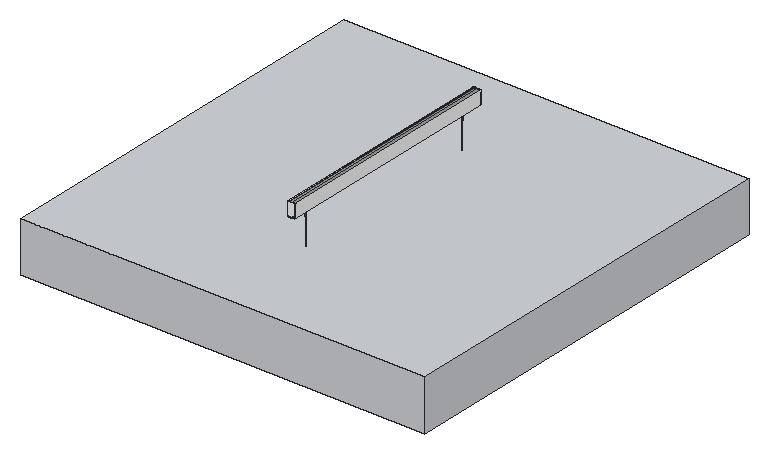
Revit family "LAMP_FIL 45 1400MM OPAL SUSPENDED", category Luminarias, Revit 2018
Family settings
  Anfitrión = Cara
  Cota de conector redondo = Diámetro de uso
  Tipo de pieza = Normal
  Corte con vacíos al cargar = No
  Origen de luz = Sí
  Compartido = No
  Punto de cálculo de habitación = No
Parameters (values of type "3225LM 3000K  BLACK")
  Ángulo de inclinación = -90.00°
  Weight = 3.00 kg
  Wattage = 20.3 W
  Type = "MID POWER TRIDONIC"
  built-in parameter 1150107 = 3000 (stored number, unit not read)
  Suspension distance [instance] = if(Suspension > 4000 mm, 4000 mm, if(Suspension < 1 mm, 1 mm, Suspension))  # 200 mm
  Suspension [instance] = 200 mm
  built-in parameter 1150110 = 1 (stored number, unit not read)
  built-in parameter 1150109 = 1 (stored number, unit not read)
  built-in parameter 1150112 = 1 (stored number, unit not read)
  built-in parameter 1150113 = 1 (stored number, unit not read)
  built-in parameter 1114218 = 1 (stored number, unit not read)
  Protection rating = "IP20 / IK07"
  Product datasheet = "http://www.lamp.es/product-files/TECH/F41SF140MOOP830NB-EN.pdf"
  Product code = "F41SF140MOOP830NB"
  Product URL = "https://www.lamp.es/en/family/fil-45_413951"
  Power Supply = "220-240V 50/60Hz"
  Power = 19 W
  Plum = 20.3 W
  Photobiological risk = ""
  NOT COVER 2 [instance] = not(END COVER 2)  # no
  NOT COVER 1 [instance] = not(END COVER 1)  # no
  built-in parameter 1150137 = (empty or 0)
  built-in parameter 1150132 = 2
  Modelo = Product code  # "F41SF140MOOP830NB"
  Model Explanation = ""
  Material suspension = LAMP_Acero genérico
  Material perfil = LAMP_Aluminio Perfil Fil NG
  Material difusor = LAMP_PC Difusor Opal Fil
  Manufacturer name = "LAMP"
  Manufacturer country = "Spain"
  Manufacturer URL = "http://www.lamp.es/en"
  MacAdam = "3"
  Longitud de línea de emisión = 1400 mm
  Last update = "15/03/2021"
  Lamp = "MID-POWER LED"
  LED Lifetime = "70.000 L80 B10"
  built-in parameter 1150105 = 822.4 (stored number, unit not read)
  built-in parameter 1150102 = (empty or 0)
  Insulation class = "I"
  Installation instructions = "https://www.lamp.es/product-files/INS/1004580-C%20INSTR.%20FIL45.pdf"
  built-in parameter 1150106 = 8.224 (stored number, unit not read)
  IEE = "A+"
  Gear = "Electronic"
  Lumens = 2161.95 lm
  Finish = "Matte black RAL 9011"
  Color Filter = 16777215
  built-in parameter 1114217 = 1 (stored number, unit not read)
  built-in parameter 1150139 = (empty or 0)
  Fabricante = Manufacturer name  # "LAMP"
  Default Elevation = 1219.2 mm
  built-in parameter 1150104 = 9.8942 (stored number, unit not read)
  Efficacy = 106.5 lm/W
  END COVER 2 [instance] = yes
  END COVER 1 [instance] = yes
  Dimensions = "1400x45x80"
  Descripción = "FIL45 SUR 1400 3250 WW OPAL BK."
  built-in parameter 1150115 = 1 (stored number, unit not read)
  built-in parameter 1150114 = 1 (stored number, unit not read)
  built-in parameter 1150138 = (empty or 0)
  built-in parameter 1150134 = 3
  Dimming Lamp Color Temperature Shift = (empty or 0)
  CRI = "80"
  Archivo de red fotométrica = "F41SF140MOOP830NB.IES"
  built-in parameter 1150133 = 10 (stored number, unit not read)
Types (24, lengths in mm): name | Weight | Wattage | built-in parameter 1150107 | Product datasheet | Product code | Power | Plum | Modelo | Material perfil | Longitud de línea de emisión | LED Lifetime | built-in parameter 1150105 | built-in parameter 1150106 | Lumens | Finish | built-in parameter 1150104 | Efficacy | Descripción | Archivo de red fotométrica
  3225LM 3000K DALI BLACK | 3.172 kg | 20.3 W | 3000 (stored number, unit not read) | "http://www.lamp.es/product-files/TECH/F41SF140MOOP830DB-EN.pdf" | "F41SF140MOOP830DB" | 19 W | 20.3 W | "F41SF140MOOP830DB" | LAMP_Aluminio Perfil Fil NG | 609.6 | "70.000 L80 B10" | 822.4 (stored number, unit not read) | 8.224 (stored number, unit not read) | 2161.95 lm | "Matte black RAL 9011" | 9.8942 (stored number, unit not read) | 106.5 lm/W | "FIL45 SUR 1400 3250 WW OPAL DALI BK." | "F41SF140MOOP830nb.IES"
  3225LM 3000K DALI GREY | 3.172 kg | 20.3 W | 3000 (stored number, unit not read) | "http://www.lamp.es/product-files/TECH/F41SF140MOOP830DG-EN.pdf" | "F41SF140MOOP830DG" | 19 W | 20.3 W | "F41SF140MOOP830DG" | LAMP_Aluminio Perfil Fil GR | 609.6 | "70.000 L80 B10" | 822.4 (stored number, unit not read) | 8.224 (stored number, unit not read) | 2161.95 lm | "Gloss grey" | 9.8942 (stored number, unit not read) | 106.5 lm/W | "FIL45 SUR 1400 3250 WW OPAL DALI GR." | "F41SF140MOOP830nG.IES"
  3225LM 3000K DALI WHITE | 3.172 kg | 20.3 W | 3000 (stored number, unit not read) | "http://www.lamp.es/product-files/TECH/F41SF140MOOP830DW-EN.pdf" | "F41SF140MOOP830DW" | 19 W | 20.3 W | "F41SF140MOOP830DW" | LAMP_Aluminio Perfil Fil BL | 609.6 | "70.000 L80 B10" | 822.4 (stored number, unit not read) | 8.224 (stored number, unit not read) | 2161.95 lm | "Matte white RAL 9010" | 9.8942 (stored number, unit not read) | 106.5 lm/W | "FIL45 SUR 1400 3250 WW OPAL DALI WH." | "F41SF140MOOP830nW.IES"
  3225LM 3000K  BLACK | 3.00 kg | 20.3 W | 3000 (stored number, unit not read) | "http://www.lamp.es/product-files/TECH/F41SF140MOOP830NB-EN.pdf" | "F41SF140MOOP830NB" | 19 W | 20.3 W | "F41SF140MOOP830NB" | LAMP_Aluminio Perfil Fil NG | 1400 | "70.000 L80 B10" | 822.4 (stored number, unit not read) | 8.224 (stored number, unit not read) | 2161.95 lm | "Matte black RAL 9011" | 9.8942 (stored number, unit not read) | 106.5 lm/W | "FIL45 SUR 1400 3250 WW OPAL BK." | "F41SF140MOOP830NB.IES"
  3225LM 3000K  GREY | 3.00 kg | 20.3 W | 3000 (stored number, unit not read) | "http://www.lamp.es/product-files/TECH/F41SF140MOOP830NG-EN.pdf" | "F41SF140MOOP830NG" | 19 W | 20.3 W | "F41SF140MOOP830NG" | LAMP_Aluminio Perfil Fil GR | 609.6 | "70.000 L80 B10" | 822.4 (stored number, unit not read) | 8.224 (stored number, unit not read) | 2161.95 lm | "Gloss grey" | 9.8942 (stored number, unit not read) | 106.5 lm/W | "FIL45 SUR 1400 3250 WW OPAL GR." | "F41SF140MOOP830NG.IES"
  3225LM 3000K  WHITE | 3.00 kg | 20.3 W | 3000 (stored number, unit not read) | "http://www.lamp.es/product-files/TECH/F41SF140MOOP830NW-EN.pdf" | "F41SF140MOOP830NW" | 19 W | 20.3 W | "F41SF140MOOP830NW" | LAMP_Aluminio Perfil Fil BL | 609.6 | "70.000 L80 B10" | 822.4 (stored number, unit not read) | 8.224 (stored number, unit not read) | 2161.95 lm | "Matte white RAL 9010" | 9.8942 (stored number, unit not read) | 106.5 lm/W | "FIL45 SUR 1400 3250 WW OPAL WH." | "F41SF140MOOP830NW.IES"
  3225LM 4000K DALI BLACK | 3.172 kg | 20.3 W | 4000 (stored number, unit not read) | "http://www.lamp.es/product-files/TECH/F41SF140MOOP840DB-EN.pdf" | "F41SF140MOOP840DB" | 19 W | 20.3 W | "F41SF140MOOP840DB" | LAMP_Aluminio Perfil Fil NG | 609.6 | "70.000 L80 B10" | 904.8 (stored number, unit not read) | 9.048 (stored number, unit not read) | 2378.55 lm | "Matte black RAL 9011" | 10.885 (stored number, unit not read) | 117.17 lm/W | "FIL45 SUR 1400 3250 NW OPAL DALI BK." | "F41SF140MOOP840nB.IES"
  3225LM 4000K DALI GREY | 3.172 kg | 13.3 W | 4000 (stored number, unit not read) | "http://www.lamp.es/product-files/TECH/F41SF140MOOP840DG-EN.pdf" | "F41SF140MOOP840DG" | 19 W | 20.3 W | "F41SF140MOOP840DG" | LAMP_Aluminio Perfil Fil GR | 609.6 | "70.000 L80 B10" | 491.36 (stored number, unit not read) | 4.9136 (stored number, unit not read) | 1291.7 lm | "Gloss grey" | 9.0227 (stored number, unit not read) | 117.17 lm/W | "FIL45 SUR 1400 3250 NW OPAL DALI GR." | "F41SF140MOOP840nG.IES"
  3225LM 4000K DALI WHITE | 3.172 kg | 20.3 W | 4000 (stored number, unit not read) | "http://www.lamp.es/product-files/TECH/F41SF140MOOP840DW-EN.pdf" | "F41SF140MOOP840DW" | 19 W | 20.3 W | "F41SF140MOOP840DW" | LAMP_Aluminio Perfil Fil BL | 609.6 | "70.000 L80 B10" | 904.8 (stored number, unit not read) | 9.048 (stored number, unit not read) | 2378.55 lm | "Matte white RAL 9010" | 10.885 (stored number, unit not read) | 117.17 lm/W | "FIL45 SUR 1400 3250 NW OPAL DALI WH." | "F41SF140MOOP840nW.IES"
  3225LM 4000K  BLACK | 3.00 kg | 20.3 W | 4000 (stored number, unit not read) | "http://www.lamp.es/product-files/TECH/F41SF140MOOP840NB-EN.pdf" | "F41SF140MOOP840NB" | 19 W | 20.3 W | "F41SF140MOOP840NB" | LAMP_Aluminio Perfil Fil NG | 609.6 | "70.000 L80 B10" | 904.8 (stored number, unit not read) | 9.048 (stored number, unit not read) | 2378.55 lm | "Matte black RAL 9011" | 10.885 (stored number, unit not read) | 117.17 lm/W | "FIL45 SUR 1400 3250 NW OPAL BK." | "F41SF140MOOP840NB.IES"
  3225LM 4000K  GREY | 3.00 kg | 20.3 W | 4000 (stored number, unit not read) | "http://www.lamp.es/product-files/TECH/F41SF140MOOP840NG-EN.pdf" | "F41SF140MOOP840NG" | 19 W | 20.3 W | "F41SF140MOOP840NG" | LAMP_Aluminio Perfil Fil GR | 609.6 | "70.000 L80 B10" | 904.8 (stored number, unit not read) | 9.048 (stored number, unit not read) | 2378.55 lm | "Gloss grey" | 10.885 (stored number, unit not read) | 117.17 lm/W | "FIL45 SUR 1400 3250 NW OPAL GR." | "F41SF140MOOP840NG.IES"
  3225LM 4000K  WHITE | 3.00 kg | 20.3 W | 4000 (stored number, unit not read) | "http://www.lamp.es/product-files/TECH/F41SF140MOOP840NW-EN.pdf" | "F41SF140MOOP840NW" | 19 W | 20.3 W | "F41SF140MOOP840NW" | LAMP_Aluminio Perfil Fil BL | 609.6 | "70.000 L80 B10" | 904.8 (stored number, unit not read) | 9.048 (stored number, unit not read) | 2378.55 lm | "Matte white RAL 9010" | 10.885 (stored number, unit not read) | 117.17 lm/W | "FIL45 SUR 1400 3250 NW OPAL WH." | "F41SF140MOOP840NW.IES"
  7750LM 3000K DALI BLACK | 3.187 kg | 49.1 W | 3000 (stored number, unit not read) | "http://www.lamp.es/product-files/TECH/F41SF140HOOP830DB-EN.pdf" | "F41SF140HOOP830DB" | 45 W | 49.1 W | "F41SF140HOOP830DB" | LAMP_Aluminio Perfil Fil NG | 609.6 | "72.000 L80 B10" | 1754.8 (stored number, unit not read) | 17.548 (stored number, unit not read) | 4659.59 lm | "Matte black RAL 9011" | 8.8165 (stored number, unit not read) | 94.9 lm/W | "FIL45 SUR 1400 7750 WW OPAL DALI BK." | "F41SF140HOOP830nB.IES"
  7750LM 3000K DALI GREY | 3.187 kg | 49.1 W | 3000 (stored number, unit not read) | "http://www.lamp.es/product-files/TECH/F41SF140HOOP830DG-EN.pdf" | "F41SF140HOOP830DG" | 45 W | 49.1 W | "F41SF140HOOP830DG" | LAMP_Aluminio Perfil Fil GR | 609.6 | "72.000 L80 B10" | 1754.8 (stored number, unit not read) | 17.548 (stored number, unit not read) | 4659.59 lm | "Gloss grey" | 8.8165 (stored number, unit not read) | 94.9 lm/W | "FIL45 SUR 1400 7750 WW OPAL DALI GR." | "F41SF140HOOP830nG.IES"
  7750LM 3000K DALI WHITE | 3.187 kg | 49.1 W | 3000 (stored number, unit not read) | "http://www.lamp.es/product-files/TECH/F41SF140HOOP830DW-EN.pdf" | "F41SF140HOOP830DW" | 45 W | 49.1 W | "F41SF140HOOP830DW" | LAMP_Aluminio Perfil Fil BL | 609.6 | "72.000 L80 B10" | 1754.8 (stored number, unit not read) | 17.548 (stored number, unit not read) | 4659.59 lm | "Matte white RAL 9010" | 8.8165 (stored number, unit not read) | 94.9 lm/W | "FIL45 SUR 1400 7750 WW OPAL DALI WH." | "F41SF140HOOP830nW.IES"
  7750LM 3000K  BLACK | 3.05 kg | 49.1 W | 3000 (stored number, unit not read) | "http://www.lamp.es/product-files/TECH/F41SF140HOOP830NB-EN.pdf" | "F41SF140HOOP830NB" | 45 W | 49.1 W | "F41SF140HOOP830NB" | LAMP_Aluminio Perfil Fil NG | 609.6 | "72.000 L80 B10" | 1754.8 (stored number, unit not read) | 17.548 (stored number, unit not read) | 4659.59 lm | "Matte black RAL 9011" | 8.8165 (stored number, unit not read) | 94.9 lm/W | "FIL45 SUR 1400 7750 WW OPAL BK." | "F41SF140HOOP830NB.IES"
  7750LM 3000K  GREY | 3.05 kg | 49.1 W | 3000 (stored number, unit not read) | "http://www.lamp.es/product-files/TECH/F41SF140HOOP830NG-EN.pdf" | "F41SF140HOOP830NG" | 45 W | 49.1 W | "F41SF140HOOP830NG" | LAMP_Aluminio Perfil Fil GR | 609.6 | "72.000 L80 B10" | 1754.8 (stored number, unit not read) | 17.548 (stored number, unit not read) | 4659.59 lm | "Gloss grey" | 8.8165 (stored number, unit not read) | 94.9 lm/W | "FIL45 SUR 1400 7750 WW OPAL GR." | "F41SF140HOOP830NG.IES"
  7750LM 3000K  WHITE | 3.05 kg | 49.1 W | 3000 (stored number, unit not read) | "http://www.lamp.es/product-files/TECH/F41SF140HOOP830NW-EN.pdf" | "F41SF140HOOP830NW" | 45 W | 49.1 W | "F41SF140HOOP830NW" | LAMP_Aluminio Perfil Fil BL | 609.6 | "72.000 L80 B10" | 1754.8 (stored number, unit not read) | 17.548 (stored number, unit not read) | 4659.59 lm | "Matte white RAL 9010" | 8.8165 (stored number, unit not read) | 94.9 lm/W | "FIL45 SUR 1400 7750 WW OPAL WH." | "F41SF140HOOP830NW.IES"
  7750LM 4000K DALI BLACK | 3.187 kg | 49.1 W | 4000 (stored number, unit not read) | "http://www.lamp.es/product-files/TECH/F41SF140HOOP840DB-EN.pdf" | "F41SF140HOOP840DB" | 45 W | 49.1 W | "F41SF140HOOP840DB" | LAMP_Aluminio Perfil Fil NG | 609.6 | "72.000 L80 B10" | 1754.8 (stored number, unit not read) | 17.548 (stored number, unit not read) | 4659.59 lm | "Matte black RAL 9011" | 8.8165 (stored number, unit not read) | 94.9 lm/W | "FIL45 SUR 1400 7750 NW OPAL DALI BK." | "F41SF140HOOP840nB.IES"
  7750LM 4000K DALI GREY | 3.187 kg | 49.1 W | 4000 (stored number, unit not read) | "http://www.lamp.es/product-files/TECH/F41SF140HOOP840DG-EN.pdf" | "F41SF140HOOP840DG" | 45 W | 49.1 W | "F41SF140HOOP840DG" | LAMP_Aluminio Perfil Fil GR | 609.6 | "72.000 L80 B10" | 1754.8 (stored number, unit not read) | 17.548 (stored number, unit not read) | 4659.59 lm | "Gloss grey" | 8.8165 (stored number, unit not read) | 94.9 lm/W | "FIL45 SUR 1400 7750 NW OPAL DALI GR." | "F41SF140HOOP840nG.IES"
  7750LM 4000K DALI WHITE | 3.187 kg | 49.1 W | 4000 (stored number, unit not read) | "http://www.lamp.es/product-files/TECH/F41SF140HOOP840DW-EN.pdf" | "F41SF140HOOP840DW" | 45 W | 49.1 W | "F41SF140HOOP840DW" | LAMP_Aluminio Perfil Fil BL | 609.6 | "72.000 L80 B10" | 1754.8 (stored number, unit not read) | 17.548 (stored number, unit not read) | 4659.59 lm | "Matte white RAL 9010" | 8.8165 (stored number, unit not read) | 94.9 lm/W | "FIL45 SUR 1400 7750 NW OPAL DALI WH." | "F41SF140HOOP840nW.IES"
  7750LM 4000K  BLACK | 3.05 kg | 49.1 W | 4000 (stored number, unit not read) | "http://www.lamp.es/product-files/TECH/F41SF140HOOP840NB-EN.pdf" | "F41SF140HOOP840NB" | 45 W | 49.1 W | "F41SF140HOOP840NB" | LAMP_Aluminio Perfil Fil NG | 609.6 | "72.000 L80 B10" | 1754.8 (stored number, unit not read) | 17.548 (stored number, unit not read) | 4659.59 lm | "Matte black RAL 9011" | 8.8165 (stored number, unit not read) | 94.9 lm/W | "FIL45 SUR 1400 7750 NW OPAL BK." | "F41SF140HOOP840NB.IES"
  7750LM 4000K  GREY | 3.05 kg | 49.1 W | 4000 (stored number, unit not read) | "http://www.lamp.es/product-files/TECH/F41SF140HOOP840NG-EN.pdf" | "F41SF140HOOP840NG" | 45 W | 49.1 W | "F41SF140HOOP840NG" | LAMP_Aluminio Perfil Fil GR | 609.6 | "72.000 L80 B10" | 1754.8 (stored number, unit not read) | 17.548 (stored number, unit not read) | 4659.59 lm | "Gloss grey" | 8.8165 (stored number, unit not read) | 94.9 lm/W | "FIL45 SUR 1400 7750 NW OPAL GR." | "F41SF140HOOP840NG.IES"
  7750LM 4000K  WHITE | 3.05 kg | 49.1 W | 4000 (stored number, unit not read) | "http://www.lamp.es/product-files/TECH/F41SF140HOOP840NW-EN.pdf" | "F41SF140HOOP840NW" | 45 W | 49.1 W | "F41SF140HOOP840NW" | LAMP_Aluminio Perfil Fil BL | 609.6 | "72.000 L80 B10" | 1754.8 (stored number, unit not read) | 17.548 (stored number, unit not read) | 4659.59 lm | "Matte white RAL 9010" | 8.8165 (stored number, unit not read) | 94.9 lm/W | "FIL45 SUR 1400 7750 NW OPAL WH." | "F41SF140HOOP840NW.IES"
Reference planes
  plane 1 "Centro (Frontal/Posterior)": y = 0
  plane 2: z = 0
  plane 3 "Centro (Izquierda/Derecha)": x = 0
Forms (mm)
  Extrusion 1, solid
    sketch origin (0, 0, 0) x (1, 0, 0) y (0, 1, 0)
      loop
        line (-1219.2, 1219.2) -> (-1219.2, -1219.2) -> (1219.2, -1219.2) -> (1219.2, 1219.2) -> (-1219.2, 1219.2)
    from 0 to -304.8
  Extrusion 2, solid, material "LAMP_Aluminio Perfil Fil NG" <- "Material perfil"
    sketch origin (0, 0, 0) x (1, 0, 0) y (0, 0, 1)
      loop
        arc (22.5, 285.7) -> (21.5, 286.7) -> (20.5, 285.7) r 1
        line (20.5, 285.7) -> (20.5, 284.2) -> (17.8, 284.2) -> (17.8, 259) -> (0, 259) -> (-17.8, 259) -> (-17.8, 284.2) -> (-20.5, 284.2) -> (-20.5, 285.7)
        arc (-20.5, 285.7) -> (-21.5, 286.7) -> (-22.5, 285.7) r 1
        line (-22.5, 285.7) -> (-22.5, 206.5) -> (-20.7, 206.5) -> (-20.7, 210) -> (-12.5, 210) -> (-12.5, 208) -> (-14.8, 208) -> (-14.5, 206.5) -> (-11, 206.5) -> (-11, 214.5) -> (0, 214.5) -> (11, 214.5) -> (11, 206.5) -> (14.5, 206.5) -> (14.8, 208) -> (12.5, 208) -> (12.5, 210) -> (20.7, 210) -> (20.7, 206.5) -> (22.5, 206.5) -> (22.5, 285.7)
    from -700 to 700
  Extrusion 3, solid, material "LAMP_Acero genérico" <- "Material suspension"
    sketch origin (0, 0, 0) x (1, 0, 0) y (0, 0, 1)
      loop
        line (-12.5, 201) -> (-15.291, 208.272) -> (-12.823, 210) -> (-13.823, 210) -> (-16.291, 208.272) -> (-13.116, 200) -> (0, 200) -> (13.116, 200) -> (16.291, 208.272) -> (13.823, 210) -> (12.823, 210) -> (15.291, 208.272) -> (12.5, 201) -> (0, 201) -> (-12.5, 201)
    from -600 to -578
  Extrusion 4, solid, material "LAMP_Acero genérico" <- "Material suspension"
    sketch origin (0, -224, 0) x (1, 0, 0) y (0, 1, 0)
      loop
        circle (0, -365) r 5
    from 163.2 to 200
  Extrusion 5, solid, material "LAMP_Acero genérico" <- "Material suspension"
    sketch origin (0, 224, 0) x (1, 0, 0) y (0, 1, 0)
      loop
        circle (0, 365) r 5
    from 163.2 to 200
  Extrusion 6, solid, material "LAMP_Acero genérico" <- "Material suspension"
    sketch origin (0, -200, 0) x (1, 0, 0) y (0, 1, 0)
      loop
        circle (0, -389) r 1
    from 0 to 163.2
  Extrusion 7, solid, material "LAMP_Acero genérico" <- "Material suspension"
    sketch origin (0, 200, 0) x (1, 0, 0) y (0, 1, 0)
      loop
        circle (0, 389) r 1
    from 0 to 163.2
  Extrusion 8, solid, material "LAMP_PC Difusor Opal Fil" <- "Material difusor"
    sketch origin (0, 0, 0) x (1, 0, 0) y (0, 0, 1)
      loop
        line (-20.5, 284.2) -> (0, 284.2) -> (20.5, 284.2) -> (20.5, 286.7) -> (0, 286.7) -> (-20.5, 286.7) -> (-20.5, 284.2)
    from -700 to 700
  Extrusion 9, solid, material "LAMP_Acero genérico" <- "Material suspension"
    sketch origin (0, -200, 0) x (1, 0, 0) y (0, 0, -1)
      loop
        line (-12.5, -201) -> (0, -201) -> (12.5, -201) -> (15.291, -208.272) -> (12.823, -210) -> (13.823, -210) -> (16.291, -208.272) -> (13.116, -200) -> (0, -200) -> (-13.116, -200) -> (-16.291, -208.272) -> (-13.823, -210) -> (-12.823, -210) -> (-15.291, -208.272) -> (-12.5, -201)
    from -400 to -378
  Extrusion 10, solid, material "LAMP_PC Difusor Opal Fil" <- "Material difusor"
    sketch origin (0, 0, 0) x (1, 0, 0) y (0, 0, 1)
      loop
        line (-11, 214.5) -> (-11, 206.5) -> (-7.529, 206.5) -> (11, 206.5) -> (11, 214.5) -> (10, 214.5) -> (10, 207.5) -> (-10, 207.5) -> (-10, 214.5) -> (-11, 214.5)
    from -700 to 700
Lines and regions (mm)
  reference lines
    curve 1: line (0, -445.47, 200) -> (0, 544.53, 200)
Text (mm)
  text "Any modification of the parameters and properties of the LAMP BIM models must be executed and validated by the LAMP technical department.\nPhone: +34 93 736 68 00\nE-mail: lamp@lamp.es\n\nLAMP reserves the right to modify the technical specifications of its products." at (3279.264, 5298.162, -2684.539), in view "Preview"
Dimensions and locks
  "Suspension distance": level to curve 1
  locked: Extrusion 4 to Extrusion 4 at 36.8
  locked: Extrusion 5 to Extrusion 5 at 36.8
  aligned and locked: plane 2 to Extrusion 1
  aligned and locked: level to Extrusion 1
  aligned and locked: Extrusion 8 to Extrusion 2  (x2)
  aligned and locked: Extrusion 9 to curve 1
  aligned and locked: curve 1 to Extrusion 3
  aligned and locked: curve 1 to Extrusion 4
  aligned and locked: Extrusion 5 to curve 1
  aligned and locked: Extrusion 6 to Extrusion 4
  aligned and locked: Extrusion 7 to Extrusion 5
  aligned and locked: Extrusion 2 to Extrusion 9  (x2)
  aligned and locked: imposter light to Extrusion 8
  aligned and locked: Extrusion 10 to Extrusion 2
  aligned and locked: nested 1 to Extrusion 2  (x2)
  aligned and locked: nested 2 to Extrusion 2
Automatic sketch dimensions
  Extrusion 1 sketch curve to Extrusion 1 sketch curve = 2438.4 mm  (x2)
  Extrusion 3 sketch curve to plane 3 "Centro (Izquierda/Derecha)" = 0 mm  (x2)
  Extrusion 3 sketch curve to Extrusion 3 sketch curve = 12.5 mm
  Extrusion 3 sketch curve to Extrusion 3 sketch curve = 0.323 mm  (x2)
  Extrusion 3 sketch curve to Extrusion 3 sketch curve = 0.616 mm  (x2)
  Extrusion 3 sketch curve to Extrusion 3 sketch curve = 1 mm  (x5)
  Extrusion 3 sketch curve to Extrusion 3 sketch curve = 1.468 mm  (x2)
  plane 3 "Centro (Izquierda/Derecha)" to Extrusion 3 sketch curve = 12.5 mm
  level to Extrusion 3 sketch curve = 200 mm
  Extrusion 3 sketch curve to Extrusion 3 sketch curve = 7.272 mm  (x2)
  Extrusion 3 sketch curve to Extrusion 3 sketch curve = 0 mm  (x2)
  Extrusion 3 sketch curve to Extrusion 3 sketch curve = 1.728 mm  (x2)
  Extrusion 4 sketch curve to plane 3 "Centro (Izquierda/Derecha)" = 0 mm
  plane 1 "Centro (Frontal/Posterior)" to Extrusion 4 sketch curve = 589 mm
  Extrusion 5 sketch curve to plane 3 "Centro (Izquierda/Derecha)" = 0 mm
  plane 1 "Centro (Frontal/Posterior)" to Extrusion 5 sketch curve = 589 mm
  Extrusion 6 sketch curve to plane 3 "Centro (Izquierda/Derecha)" = 0 mm
  plane 1 "Centro (Frontal/Posterior)" to Extrusion 6 sketch curve = 589 mm
  Extrusion 7 sketch curve to plane 3 "Centro (Izquierda/Derecha)" = 0 mm
  plane 1 "Centro (Frontal/Posterior)" to Extrusion 7 sketch curve = 589 mm
  Extrusion 2 sketch curve to plane 3 "Centro (Izquierda/Derecha)" = 0 mm  (x2)
  Extrusion 2 sketch curve to plane 3 "Centro (Izquierda/Derecha)" = 11 mm
  Extrusion 2 sketch curve to Extrusion 2 sketch curve = 1.5 mm  (x6)
  Extrusion 2 sketch curve to Extrusion 2 sketch curve = 2 mm  (x2)
  Extrusion 2 sketch curve to Extrusion 2 sketch curve = 0.3 mm  (x2)
  Extrusion 2 sketch curve to Extrusion 2 sketch curve = 17.8 mm
  Extrusion 2 sketch curve to Extrusion 2 sketch curve = 2.7 mm  (x2)
  Extrusion 2 sketch curve to Extrusion 2 sketch curve = 5.9 mm  (x2)
  Extrusion 2 sketch curve to Extrusion 2 sketch curve = 1 mm  (x2)
  plane 3 "Centro (Izquierda/Derecha)" to Extrusion 2 sketch curve = 11 mm
  plane 3 "Centro (Izquierda/Derecha)" to Extrusion 2 sketch curve = 17.8 mm
  level to Extrusion 2 sketch curve = 206.5 mm
  Extrusion 2 sketch curve to Extrusion 2 sketch curve = 0 mm  (x3)
  Extrusion 2 sketch curve to Extrusion 2 sketch curve = 3.5 mm  (x2)
  Extrusion 2 sketch curve to Extrusion 2 sketch curve = 4.5 mm
  Extrusion 2 sketch curve to Extrusion 2 sketch curve = 44.5 mm
  Extrusion 2 sketch curve to Extrusion 2 sketch curve = 25.2 mm  (x2)
  Extrusion 8 sketch curve to plane 3 "Centro (Izquierda/Derecha)" = 0 mm  (x2)
  Extrusion 8 sketch curve to Extrusion 8 sketch curve = 20.5 mm
  plane 3 "Centro (Izquierda/Derecha)" to Extrusion 8 sketch curve = 20.5 mm
  level to Extrusion 8 sketch curve = 284.2 mm
  Extrusion 8 sketch curve to Extrusion 8 sketch curve = 2.5 mm
  Extrusion 9 sketch curve to plane 3 "Centro (Izquierda/Derecha)" = 0 mm  (x2)
  Extrusion 9 sketch curve to Extrusion 9 sketch curve = 12.5 mm
  Extrusion 9 sketch curve to Extrusion 9 sketch curve = 0.323 mm  (x2)
  Extrusion 9 sketch curve to Extrusion 9 sketch curve = 0.616 mm  (x2)
  Extrusion 9 sketch curve to Extrusion 9 sketch curve = 1 mm  (x5)
  Extrusion 9 sketch curve to Extrusion 9 sketch curve = 1.468 mm  (x2)
  plane 3 "Centro (Izquierda/Derecha)" to Extrusion 9 sketch curve = 12.5 mm
  level to Extrusion 9 sketch curve = 210 mm
  Extrusion 9 sketch curve to Extrusion 9 sketch curve = 0 mm  (x3)
  Extrusion 9 sketch curve to Extrusion 9 sketch curve = 1.728 mm  (x2)
  Extrusion 9 sketch curve to Extrusion 9 sketch curve = 7.272 mm
  Extrusion 10 sketch curve to plane 3 "Centro (Izquierda/Derecha)" = 11 mm
  Extrusion 10 sketch curve to Extrusion 10 sketch curve = 1 mm  (x3)
  Extrusion 10 sketch curve to Extrusion 10 sketch curve = 2.471 mm
  plane 3 "Centro (Izquierda/Derecha)" to Extrusion 10 sketch curve = 10 mm
  level to Extrusion 10 sketch curve = 206.5 mm
  Extrusion 10 sketch curve to Extrusion 10 sketch curve = 7 mm  (x2)
  plane 1 "Centro (Frontal/Posterior)" to curve 1 = 445.47 mm
  curve 1 to plane 1 "Centro (Frontal/Posterior)" = 544.53 mm
  radius of Extrusion 4 sketch curve = 5 mm
  radius of Extrusion 5 sketch curve = 5 mm
  radius of Extrusion 6 sketch curve = 1 mm
  radius of Extrusion 7 sketch curve = 1 mm
Nested families
  nested 1: "LAMP_FIL 45 END COVER SURFACE" at (0, -701, 206.5), visible <- "END COVER 1", type "LAMP_FIL 45 END COVER SURFACE"
  nested 2: "LAMP_FIL 45 END COVER SURFACE" at (0, 701, 206.5), visible <- "END COVER 2", type "LAMP_FIL 45 END COVER SURFACE"
Connectors
  electrical at (0, 589, 200)
    settings: on Extrusion 5, index 1, voltage 230 V, apparent load 0 VA, apparent load phase1 0 VA, apparent load phase2 0 VA, apparent load phase3 0 VA, power factor 1, load classification "Otro", number of poles 1, system type 31, power factor state 1, is connector primary yes, connector utility no, sub classification motor no, connector description ""
Definition of nested family "LAMP_FIL 45 END COVER SURFACE"
  Parameters (values of type "Blanco")
    Material tapa = none
  Reference planes
    plane 1 "Centro (Frontal/Posterior)": y = 0
    plane 2: z = 0
    plane 3 "Centro (Izquierda/Derecha)": x = 0
  Forms (mm)
    Extrusion 1, solid, material <- "Material tapa"
      sketch origin (0, 0, 0) x (0, -1, 0) y (0, 0, 1)
        loop
          line (0, 0) -> (1, 0) -> (1, 80) -> (-1, 80) -> (-1, 0) -> (0, 0)
      from -22.5 to 22.5
  Dimensions and locks
    aligned and locked: level to plane 2
